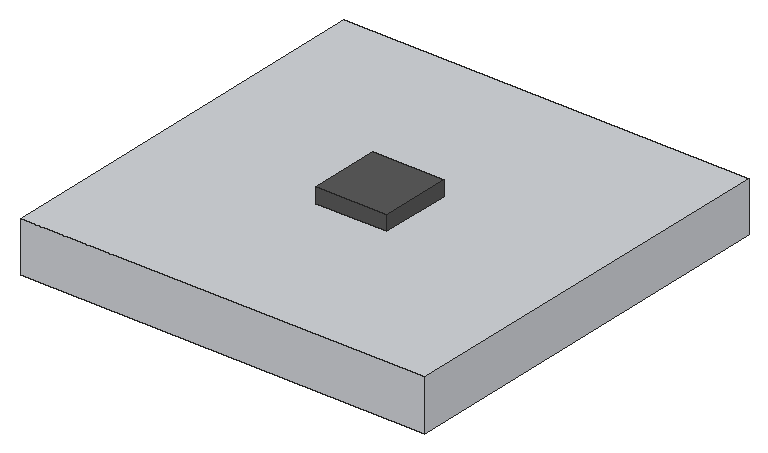
Revit family "r2018_videomax_server_OPS-SKUD_stoechnogo_ispolneniya", category Устройства связи, Revit 2018
Family settings
  Основа = Грань
  Сохранять ориентацию аннотаций = Да
  Размер круглого соединителя = Использовать диаметр
  Тип детали = Нормальный
  При загрузке вырезать с полостями = Нет
  Общий = Нет
  Точка расчета площади = Нет
Parameters (values of type "19” 2U (2S)")
  Указания по монтажу = "Для монтажа использовать 19” салазки. Изделие комплектуется салазками SR20 либо SR26. Параметры SR20: расстояние между профилями 488 - 546 мм, габариты в сложенном состоянии 500 мм, параметры SR26: расстояние между профилями 572 - 672 мм, габариты в сложенном состоянии 650 мм."
  Тип линейки = "Standart"
  Модель = ""
  Стоимость = 0
  Default Elevation = 2600 mm
  Минимальная глубина шкафа, мм = 600
  Максимальное тепловыделение, BTU/h = Максимальная потребляемая мощность Вт * 3.412  # 0
  Максимальная потребляемая мощность Вт = 0
  Максимальная мощность БП, Вт = 0
  Количество интерфейсов Gigabit LAN, шт = 1
  Количество входов 230V, шт = 0
  Количество USB-портов, шт. = 2
  Количество COM-портов, шт. = 2
  Изображение типоразмера = 19 (2U.2S).png
  Изготовитель = "ООО «Видеомакс»"  # constant formula
  Глубина = 430 mm
  Высота в U = 2
  Ширина = 430 mm
  Высота = 88 mm
  URL = "https://www.videomax-server.ru/"
  Material = Черный
  LOD 500 [instance] = yes
  LOD 300 [instance] = yes
  ADSK_Этаж [instance] = ""
  ADSK_Ток = 0 A
  ADSK_Примечание [instance] = ""
  ADSK_Позиция [instance] = ""
  ADSK_Обозначение = "19” 2U (2S)"
  ADSK_Номинальная мощность = 0 VA
  ADSK_Напряжение = 230 V
  ADSK_Наименование = "Cервер ОПС-СКУД стоечного исполнения 19” 2U (2S)"
  ADSK_Масса = 0
  ADSK_Марка = "VIDEOMAX-SB"  # constant formula
  ADSK_Коэффициент мощности = 0.96
  ADSK_Количество = 1  # constant formula
  ADSK_Код изделия = "ТУ 26.20.13-005-37165186-2018"  # constant formula
  ADSK_Классификация нагрузок = none
  ADSK_Завод-изготовитель = "ООО «Видеомакс»"  # constant formula
  ADSK_Единица измерения = "шт."  # constant formula
  ADSK_Версия семейства = "v2"  # constant formula
  ADSK_Версия Revit = "2018"  # constant formula
Reference planes
  plane 1 "По центру (Вперед/Назад)": y = 0
  plane 2: z = 0
  plane 3 "По центру (Влево/Вправо)": through (0.038, 0.038, 0) normal (-1, 0.0001, 0)
  plane 4: z = 0
  plane 5: y = 213.358
  plane 6: x = -224.796
  plane 7: y = -216.642
  plane 8: x = 205.204
  plane 9: x = -9.796
  plane 10: y = -1.642
Forms (mm)
  Extrusion 1, solid
    sketch origin (-0.8, 20.8, 0) x (1, 0, 0) y (0, 1, 0)
      loop
        line (-1219.2, 1219.2) -> (-1219.2, -1219.2) -> (1219.2, -1219.2) -> (1219.2, 1219.2) -> (-1219.2, 1219.2)
    from 0 to -304.8
  Extrusion 2, solid, material "Черный" <- "Material", detail levels medium+fine
    sketch origin (-479.93, -78.661, 0) x (1, 0, 0) y (0, 1, 0)
      loop
        line (255.134, 292.019) -> (255.134, -137.981) -> (685.134, -137.981) -> (685.134, 292.019) -> (255.134, 292.019)
    from 0 to 88
Lines and regions (mm)
  reference lines
    curve 1: line (-9.796, 119.657, 34.666) -> (-9.796, -213.482, 34.666)
    curve 2: line (-9.796, 0.018, 34.666) -> (-226.296, 0.018, 34.666)
  model lines, detail levels coarse
    curve 3: line (-224.796, 213.358, 0) -> (205.204, 213.358, 0)
    curve 4: line (205.204, 213.358, 0) -> (205.204, -216.642, 0)
    curve 5: line (205.204, -216.642, 0) -> (-224.796, -216.642, 0)
    curve 6: line (-224.796, -216.642, 0) -> (-224.796, 213.358, 0)
  model lines, style "InvisibleLines", detail levels coarse
    curve 7: line (205.204, 0.018, 0) -> (-224.796, 0.018, 0)
    curve 8: line (0.204, -216.642, 0) -> (0.204, 213.358, 0)
Dimensions and locks
  equal spacing: plane 8, plane 9, plane 6
  "Ширина": plane 8 to plane 6
  equal spacing: plane 5, plane 10, plane 7
  "Ширина": plane 5 to plane 7
  Extrusion 2 to Extrusion 2 = 88 mm
  aligned and locked: plane 2 to Extrusion 1
  aligned and locked: level to Extrusion 1
  aligned and locked: plane 5 to Extrusion 2
  aligned and locked: Extrusion 2 to plane 7
  aligned and locked: Extrusion 2 to plane 8
  aligned and locked: plane 6 to Extrusion 2
Automatic sketch dimensions
  Extrusion 1 sketch curve to Extrusion 1 sketch curve = 2438.4 mm  (x2)
  curve 2 to plane 9 = 0 mm
  curve 1 to plane 7 = 3.16 mm
  curve 2 to plane 1 "По центру (Вперед/Назад)" = 0.018 mm
  curve 2 to plane 6 = 1.5 mm
  plane 5 to curve 1 = 93.702 mm
  Extrusion 2 sketch curve to plane 6 = 0 mm
  plane 7 to Extrusion 2 sketch curve = 0 mm
  Extrusion 2 sketch curve to plane 8 = 0 mm
  plane 5 to Extrusion 2 sketch curve = 0 mm
  curve 3 to curve 3 = 430 mm
  curve 5 to curve 6 = 430 mm
  curve 8 to curve 4 = 205 mm
  curve 7 to curve 3 = 213.34 mm
  curve 5 to plane 6 = 0 mm
  plane 7 to curve 8 = 0 mm
  plane 5 to curve 8 = 0 mm
  curve 5 to plane 8 = 0 mm
  plane 9 to curve 8 = 10 mm
  curve 7 to plane 1 "По центру (Вперед/Назад)" = 0.018 mm
Nested families
  nested 1: "videomax_OPS-SKUD_stoechnogo" at (-224.796, -1.642, 88) x (0, 1, 0) z (-1, 0, 0), LOD500 <- "LOD 500", type ""
    with LOD500 yes, Front_500 yes, Back_500 no
  nested 2: "videomax_OPS-SKUD_stoechnogo" at (205.204, -1.642, 0) x (0, 1, 0) z (1, 0, 0), LOD500 <- "LOD 500", type "Back"
    with LOD500 yes, Front_500 no, Back_500 yes
Connectors
  electrical at (-9.796, -1.642, 0), driven by "ADSK_Напряжение", driven by "ADSK_Номинальная мощность", driven by "ADSK_Коэффициент мощности"
    settings: on Extrusion 2, index 1, voltage 230 V, apparent load 0 VA, apparent load phase1 0 VA, apparent load phase2 0 VA, apparent load phase3 0 VA, power factor 0.96, load classification "Прочее", number of poles 1, system type 30, power factor state 0, is connector primary yes, connector utility yes, sub classification motor no, connector description ""
Definition of nested family "videomax_OPS-SKUD_stoechnogo"
  Parameters (values of type "Front")
    Default Elevation = 1219.2 mm
    Back_500 [instance] = and(Back, LOD500)  # no
    Back = no
    LOD500 [instance] = no
    Front_500 [instance] = and(Front, LOD500)  # no
    Front = yes
  Types (2, lengths in mm): name | Back_500 | Back | LOD500 | Front
    Front | no | no | no | yes
    Back | yes | yes | yes | no
  Reference planes
    plane 1 "По центру (Вперед/Назад)": y = 0
    plane 2: z = 0
    plane 3 "По центру (Влево/Вправо)": x = 0
  Lines and regions (mm)
    model lines, visible <- "Back_500", detail levels fine
      curve 1: arc (-139.372, 67.278, 0) -> (-148.951, 42.861, 0) -> (-139.372, 18.443, 0) r 35.911
      curve 2: arc (-135.391, 22.424, 0) -> (-143.324, 42.861, 0) -> (-135.39, 63.297, 0) r 30.29
      curve 3: arc (-127.583, 55.49, 0) -> (-131.082, 49.601, 0) -> (-132.3, 42.861, 0) r 19.266
      curve 4: arc (-132.3, 42.861, 0) -> (-131.082, 36.12, 0) -> (-127.583, 30.231, 0) r 19.266
      curve 5: arc (-124.524, 33.291, 0) -> (-127.095, 37.772, 0) -> (-127.988, 42.861, 0) r 14.954
      curve 6: arc (-127.988, 42.861, 0) -> (-127.095, 47.95, 0) -> (-124.524, 52.431, 0) r 14.954
      curve 7: arc (-133.333, 61.24, 0) -> (-138.584, 52.709, 0) -> (-140.417, 42.861, 0) r 27.383
      curve 8: arc (-140.417, 42.861, 0) -> (-138.584, 33.012, 0) -> (-133.333, 24.482, 0) r 27.383
      curve 9: arc (-129.348, 28.467, 0) -> (-133.384, 35.167, 0) -> (-134.79, 42.861, 0) r 21.756
      curve 10: arc (-134.79, 42.861, 0) -> (-133.384, 50.555, 0) -> (-129.348, 57.255, 0) r 21.756
      curve 11: arc (-86.696, 67.278, 0) -> (-77.117, 42.861, 0) -> (-86.696, 18.443, 0) r 35.911
      curve 12: arc (-90.677, 22.424, 0) -> (-82.744, 42.861, 0) -> (-90.677, 63.297, 0) r 30.29
      curve 13: arc (-98.484, 55.49, 0) -> (-94.985, 49.601, 0) -> (-93.768, 42.861, 0) r 19.266
      curve 14: arc (-93.768, 42.861, 0) -> (-94.985, 36.12, 0) -> (-98.484, 30.231, 0) r 19.266
      curve 15: arc (-101.543, 33.291, 0) -> (-98.972, 37.772, 0) -> (-98.08, 42.861, 0) r 14.954
      curve 16: arc (-98.08, 42.861, 0) -> (-98.972, 47.95, 0) -> (-101.543, 52.431, 0) r 14.954
      curve 17: arc (-92.735, 61.24, 0) -> (-87.483, 52.709, 0) -> (-85.651, 42.861, 0) r 27.383
      curve 18: arc (-85.651, 42.861, 0) -> (-87.483, 33.012, 0) -> (-92.735, 24.482, 0) r 27.383
      curve 19: arc (-96.72, 28.467, 0) -> (-92.683, 35.167, 0) -> (-91.278, 42.861, 0) r 21.756
      curve 20: arc (-91.278, 42.861, 0) -> (-92.683, 50.555, 0) -> (-96.72, 57.255, 0) r 21.756
      curve 21: arc (-88.616, 16.523, 0) -> (-113.034, 6.944, 0) -> (-137.452, 16.523, 0) r 35.911
      curve 22: arc (-133.47, 20.504, 0) -> (-113.034, 12.571, 0) -> (-92.597, 20.504, 0) r 30.29
      curve 23: arc (-100.404, 28.311, 0) -> (-106.293, 24.812, 0) -> (-113.034, 23.594, 0) r 19.266
      curve 24: arc (-113.034, 23.594, 0) -> (-119.774, 24.812, 0) -> (-125.663, 28.311, 0) r 19.266
      curve 25: arc (-122.604, 31.37, 0) -> (-118.123, 28.799, 0) -> (-113.034, 27.907, 0) r 14.954
      curve 26: arc (-113.034, 27.907, 0) -> (-107.945, 28.799, 0) -> (-103.464, 31.37, 0) r 14.954
      curve 27: arc (-94.655, 22.562, 0) -> (-103.185, 17.31, 0) -> (-113.034, 15.478, 0) r 27.383
      curve 28: arc (-113.034, 15.478, 0) -> (-122.882, 17.31, 0) -> (-131.413, 22.562, 0) r 27.383
      curve 29: arc (-127.428, 26.546, 0) -> (-120.728, 22.51, 0) -> (-113.034, 21.104, 0) r 21.756
      curve 30: arc (-113.034, 21.104, 0) -> (-105.34, 22.51, 0) -> (-98.64, 26.547, 0) r 21.756
      curve 31: arc (-88.616, 69.199, 0) -> (-113.034, 78.778, 0) -> (-137.452, 69.199, 0) r 35.911
      curve 32: arc (-133.47, 65.217, 0) -> (-113.034, 73.151, 0) -> (-92.597, 65.217, 0) r 30.29
      curve 33: arc (-100.404, 57.41, 0) -> (-106.293, 60.909, 0) -> (-113.034, 62.127, 0) r 19.266
      curve 34: arc (-113.034, 62.127, 0) -> (-119.774, 60.909, 0) -> (-125.663, 57.41, 0) r 19.266
      curve 35: arc (-122.604, 54.351, 0) -> (-118.123, 56.922, 0) -> (-113.034, 57.815, 0) r 14.954
      curve 36: arc (-113.034, 57.815, 0) -> (-107.945, 56.922, 0) -> (-103.464, 54.351, 0) r 14.954
      curve 37: arc (-94.655, 63.16, 0) -> (-103.185, 68.411, 0) -> (-113.034, 70.244, 0) r 27.383
      curve 38: arc (-113.034, 70.244, 0) -> (-122.882, 68.411, 0) -> (-131.413, 63.16, 0) r 27.383
      curve 39: arc (-127.428, 59.175, 0) -> (-120.728, 63.211, 0) -> (-113.034, 64.617, 0) r 21.756
      curve 40: arc (-113.034, 64.617, 0) -> (-105.34, 63.211, 0) -> (-98.64, 59.175, 0) r 21.756
      curve 41: circle (-148.994, 78.824, 0) r 3 normal (0, 0, 1)
      curve 42: circle (-77.12, 78.774, 0) r 3 normal (0, 0, 1)
      curve 43: circle (-148.944, 6.964, 0) r 3 normal (0, 0, 1)
      curve 44: arc (-75.595, 9.548, 0) -> (-79.321, 9.003, 0) -> (-79.579, 5.246, 0) r 3
      curve 45: circle (-32.99, 73.452, 0) r 1.934 normal (0, 0, 1)
      curve 46: circle (-32.99, 66.877, 0) r 1.934 normal (0, 0, 1)
      curve 47: circle (-32.99, 59.738, 0) r 1.934 normal (0, 0, 1)
      curve 48: circle (-28.877, 70.273, 0) r 1.934 normal (0, 0, 1)
      curve 49: circle (-28.877, 63.133, 0) r 1.934 normal (0, 0, 1)
      curve 50: circle (-24.763, 73.358, 0) r 1.934 normal (0, 0, 1)
      curve 51: circle (-24.763, 66.783, 0) r 1.934 normal (0, 0, 1)
      curve 52: circle (-24.763, 59.643, 0) r 1.934 normal (0, 0, 1)
      curve 53: circle (-20.649, 70.179, 0) r 1.934 normal (0, 0, 1)
      curve 54: circle (-20.649, 63.039, 0) r 1.934 normal (0, 0, 1)
      curve 55: circle (-16.535, 73.547, 0) r 1.934 normal (0, 0, 1)
      curve 56: circle (-16.535, 66.972, 0) r 1.934 normal (0, 0, 1)
      curve 57: circle (-16.535, 59.832, 0) r 1.934 normal (0, 0, 1)
      curve 58: circle (-12.421, 70.367, 0) r 1.934 normal (0, 0, 1)
      curve 59: circle (-12.421, 63.228, 0) r 1.934 normal (0, 0, 1)
      curve 60: circle (-8.308, 73.311, 0) r 1.934 normal (0, 0, 1)
      curve 61: circle (-8.308, 66.736, 0) r 1.934 normal (0, 0, 1)
      curve 62: circle (-8.308, 59.596, 0) r 1.934 normal (0, 0, 1)
      curve 63: arc (-172.921, 32.258, 0) -> (-173.559, 31.651, 0) -> (-174.39, 31.357, 0) r 2.113
      curve 64: arc (-184.653, 31.357, 0) -> (-185.336, 31.661, 0) -> (-185.64, 32.345, 0) r 1.044
      curve 65: arc (-185.64, 59.496, 0) -> (-185.302, 60.221, 0) -> (-184.551, 60.497, 0) r 1.049
      curve 66: arc (-174.576, 60.497, 0) -> (-173.923, 60.388, 0) -> (-173.373, 60.019, 0) r 1.564
      curve 67: arc (-164.693, 30.894, 0) -> (-165.411, 29.16, 0) -> (-167.145, 28.442, 0) r 2.452
      curve 68: arc (-185.829, 28.441, 0) -> (-187.572, 29.012, 0) -> (-188.466, 30.613, 0) r 2.519
      curve 69: arc (-188.466, 60.671, 0) -> (-187.723, 62.726, 0) -> (-185.668, 63.469, 0) r 2.573
      curve 70: arc (-167.121, 63.469, 0) -> (-165.388, 62.675, 0) -> (-164.693, 60.9, 0) r 2.543
      curve 71: circle (-18.075, 28.018, 0) r 4.447 normal (0, 0, 1)
      curve 72: circle (-17.896, 14.094, 0) r 4.447 normal (0, 0, 1)
      curve 73: circle (16.783, 31.462, 0) r 1.737 normal (0, 0, 1)
      curve 74: circle (63.174, 31.437, 0) r 1.737 normal (0, 0, 1)
      curve 75: circle (10.582, 13.236, 0) r 1.737 normal (0, 0, 1)
      curve 76: circle (32.873, 13.231, 0) r 1.737 normal (0, 0, 1)
      curve 77: arc (28.549, 16.761, 0) -> (28.962, 16.498, 0) -> (29.083, 16.023, 0) r 0.664
      curve 78: arc (28.419, 10.548, 0) -> (27.866, 9.866, 0) -> (27.006, 9.696, 0) r 1.289
      curve 79: arc (16.191, 9.732, 0) -> (15.596, 9.984, 0) -> (15.323, 10.569, 0) r 0.901
      curve 80: arc (14.374, 15.787, 0) -> (14.541, 16.458, 0) -> (15.164, 16.759, 0) r 0.815
      curve 81: circle (46.891, 13.246, 0) r 1.737 normal (0, 0, 1)
      curve 82: circle (69.182, 13.241, 0) r 1.737 normal (0, 0, 1)
      curve 83: arc (64.858, 16.77, 0) -> (65.271, 16.507, 0) -> (65.392, 16.033, 0) r 0.664
      curve 84: arc (64.728, 10.558, 0) -> (64.175, 9.876, 0) -> (63.315, 9.706, 0) r 1.289
      curve 85: arc (52.5, 9.742, 0) -> (51.905, 9.994, 0) -> (51.632, 10.579, 0) r 0.901
      curve 86: arc (50.683, 15.796, 0) -> (50.85, 16.468, 0) -> (51.474, 16.769, 0) r 0.815
      curve 87: arc (58.223, 34.969, 0) -> (58.841, 34.729, 0) -> (59.069, 34.106, 0) r 0.803
      curve 88: arc (58.393, 28.759, 0) -> (58.121, 28.203, 0) -> (57.565, 27.931, 0) r 0.956
      curve 89: arc (22.851, 27.931, 0) -> (22.288, 28.1, 0) -> (21.911, 28.551, 0) r 1.023
      curve 90: arc (20.942, 33.881, 0) -> (21.132, 34.682, 0) -> (21.901, 34.975, 0) r 0.88
      curve 91: circle (133.403, 72.876, 0) r 1.912 normal (0, 0, 1)
      curve 92: circle (136.617, 68.843, 0) r 1.912 normal (0, 0, 1)
      curve 93: circle (133.426, 64.799, 0) r 1.912 normal (0, 0, 1)
      curve 94: circle (136.601, 60.762, 0) r 1.912 normal (0, 0, 1)
      curve 95: circle (133.171, 56.709, 0) r 1.912 normal (0, 0, 1)
      curve 96: circle (136.554, 52.689, 0) r 1.912 normal (0, 0, 1)
      curve 97: circle (133.355, 48.668, 0) r 1.912 normal (0, 0, 1)
      curve 98: circle (136.562, 44.63, 0) r 1.912 normal (0, 0, 1)
      curve 99: circle (133.29, 40.562, 0) r 1.912 normal (0, 0, 1)
      curve 100: circle (136.681, 36.549, 0) r 1.912 normal (0, 0, 1)
      curve 101: circle (133.417, 32.504, 0) r 1.912 normal (0, 0, 1)
      curve 102: circle (136.601, 28.474, 0) r 1.912 normal (0, 0, 1)
      curve 103: circle (-203.316, 78.462, 0) r 2.68 normal (0, 0, 1)
      curve 104: circle (-211.204, 43.074, 0) r 2.68 normal (0, 0, 1)
      curve 105: circle (-200.174, 9.372, 0) r 2.679 normal (0, 0, 1)
      curve 106: circle (-69.338, 9.372, 0) r 2.679 normal (0, 0, 1)
      curve 107: circle (-59.35, 43.074, 0) r 2.679 normal (0, 0, 1)
      curve 108: circle (-66.824, 78.462, 0) r 2.679 normal (0, 0, 1)
      curve 109: circle (153.676, 72.876, 0) r 1.912 normal (0, 0, 1)
      curve 110: circle (156.89, 68.843, 0) r 1.912 normal (0, 0, 1)
      curve 111: circle (153.698, 64.799, 0) r 1.912 normal (0, 0, 1)
      curve 112: circle (156.874, 60.762, 0) r 1.912 normal (0, 0, 1)
      curve 113: circle (153.443, 56.709, 0) r 1.912 normal (0, 0, 1)
      curve 114: circle (156.827, 52.689, 0) r 1.912 normal (0, 0, 1)
      curve 115: circle (153.627, 48.668, 0) r 1.912 normal (0, 0, 1)
      curve 116: circle (156.834, 44.63, 0) r 1.912 normal (0, 0, 1)
      curve 117: circle (153.563, 40.562, 0) r 1.912 normal (0, 0, 1)
      curve 118: circle (156.953, 36.549, 0) r 1.912 normal (0, 0, 1)
      curve 119: circle (153.69, 32.504, 0) r 1.912 normal (0, 0, 1)
      curve 120: circle (156.874, 28.474, 0) r 1.912 normal (0, 0, 1)
      curve 121: circle (173.948, 72.876, 0) r 1.912 normal (0, 0, 1)
      curve 122: circle (177.162, 68.843, 0) r 1.912 normal (0, 0, 1)
      curve 123: circle (173.971, 64.799, 0) r 1.912 normal (0, 0, 1)
      curve 124: circle (177.146, 60.762, 0) r 1.912 normal (0, 0, 1)
      curve 125: circle (173.716, 56.709, 0) r 1.912 normal (0, 0, 1)
      curve 126: circle (177.099, 52.689, 0) r 1.912 normal (0, 0, 1)
      curve 127: circle (173.9, 48.668, 0) r 1.912 normal (0, 0, 1)
      curve 128: circle (177.107, 44.63, 0) r 1.912 normal (0, 0, 1)
      curve 129: circle (173.835, 40.562, 0) r 1.912 normal (0, 0, 1)
      curve 130: circle (177.226, 36.549, 0) r 1.912 normal (0, 0, 1)
      curve 131: circle (173.962, 32.504, 0) r 1.912 normal (0, 0, 1)
      curve 132: circle (177.146, 28.474, 0) r 1.912 normal (0, 0, 1)
      curve 133: circle (194.221, 72.876, 0) r 1.912 normal (0, 0, 1)
      curve 134: circle (197.435, 68.843, 0) r 1.912 normal (0, 0, 1)
      curve 135: circle (194.243, 64.799, 0) r 1.912 normal (0, 0, 1)
      curve 136: circle (197.419, 60.762, 0) r 1.912 normal (0, 0, 1)
      curve 137: circle (193.988, 56.709, 0) r 1.912 normal (0, 0, 1)
      curve 138: circle (197.372, 52.689, 0) r 1.912 normal (0, 0, 1)
      curve 139: circle (194.172, 48.668, 0) r 1.912 normal (0, 0, 1)
      curve 140: circle (197.379, 44.63, 0) r 1.912 normal (0, 0, 1)
      curve 141: circle (194.108, 40.562, 0) r 1.912 normal (0, 0, 1)
      curve 142: circle (197.498, 36.549, 0) r 1.912 normal (0, 0, 1)
      curve 143: circle (194.235, 32.504, 0) r 1.912 normal (0, 0, 1)
      curve 144: circle (197.419, 28.474, 0) r 1.912 normal (0, 0, 1)
      curve 145: circle (-4.194, 70.044, 0) r 1.934 normal (0, 0, 1)
      curve 146: circle (-4.194, 62.905, 0) r 1.934 normal (0, 0, 1)
      curve 147: circle (-0.08, 73.129, 0) r 1.934 normal (0, 0, 1)
      curve 148: circle (-0.08, 66.554, 0) r 1.934 normal (0, 0, 1)
      curve 149: circle (-0.08, 59.414, 0) r 1.934 normal (0, 0, 1)
      curve 150: circle (4.033, 69.95, 0) r 1.934 normal (0, 0, 1)
      curve 151: circle (4.033, 62.81, 0) r 1.934 normal (0, 0, 1)
      curve 152: circle (8.147, 73.318, 0) r 1.934 normal (0, 0, 1)
      curve 153: circle (8.147, 66.743, 0) r 1.934 normal (0, 0, 1)
      curve 154: circle (8.147, 59.603, 0) r 1.934 normal (0, 0, 1)
      curve 155: circle (12.261, 70.139, 0) r 1.934 normal (0, 0, 1)
      curve 156: circle (12.261, 62.999, 0) r 1.934 normal (0, 0, 1)
      curve 157: circle (16.375, 73.082, 0) r 1.934 normal (0, 0, 1)
      curve 158: circle (16.375, 66.507, 0) r 1.934 normal (0, 0, 1)
      curve 159: circle (16.375, 59.367, 0) r 1.934 normal (0, 0, 1)
      curve 160: circle (20.488, 70.28, 0) r 1.934 normal (0, 0, 1)
      curve 161: circle (20.488, 63.14, 0) r 1.934 normal (0, 0, 1)
      curve 162: circle (24.602, 73.365, 0) r 1.934 normal (0, 0, 1)
      curve 163: circle (24.602, 66.79, 0) r 1.934 normal (0, 0, 1)
      curve 164: circle (24.602, 59.65, 0) r 1.934 normal (0, 0, 1)
      curve 165: circle (28.716, 70.186, 0) r 1.934 normal (0, 0, 1)
      curve 166: circle (28.716, 63.046, 0) r 1.934 normal (0, 0, 1)
      curve 167: circle (32.83, 73.554, 0) r 1.934 normal (0, 0, 1)
      curve 168: circle (32.83, 66.979, 0) r 1.934 normal (0, 0, 1)
      curve 169: circle (32.83, 59.839, 0) r 1.934 normal (0, 0, 1)
      curve 170: circle (36.943, 70.374, 0) r 1.934 normal (0, 0, 1)
      curve 171: circle (36.943, 63.235, 0) r 1.934 normal (0, 0, 1)
      curve 172: circle (41.057, 73.318, 0) r 1.934 normal (0, 0, 1)
      curve 173: circle (41.057, 66.743, 0) r 1.934 normal (0, 0, 1)
      curve 174: circle (41.057, 59.603, 0) r 1.934 normal (0, 0, 1)
      curve 175: circle (45.171, 70.28, 0) r 1.934 normal (0, 0, 1)
      curve 176: circle (45.171, 63.14, 0) r 1.934 normal (0, 0, 1)
      curve 177: circle (49.285, 73.365, 0) r 1.934 normal (0, 0, 1)
      curve 178: circle (49.285, 66.79, 0) r 1.934 normal (0, 0, 1)
      curve 179: circle (49.285, 59.65, 0) r 1.934 normal (0, 0, 1)
      curve 180: circle (53.398, 70.186, 0) r 1.934 normal (0, 0, 1)
      curve 181: circle (53.398, 63.046, 0) r 1.934 normal (0, 0, 1)
      curve 182: circle (57.512, 73.554, 0) r 1.934 normal (0, 0, 1)
      curve 183: circle (57.512, 66.979, 0) r 1.934 normal (0, 0, 1)
      curve 184: circle (57.512, 59.839, 0) r 1.934 normal (0, 0, 1)
      curve 185: circle (61.626, 70.374, 0) r 1.934 normal (0, 0, 1)
      curve 186: circle (61.626, 63.235, 0) r 1.934 normal (0, 0, 1)
      curve 187: circle (65.74, 73.318, 0) r 1.934 normal (0, 0, 1)
      curve 188: circle (65.74, 66.743, 0) r 1.934 normal (0, 0, 1)
      curve 189: circle (65.74, 59.603, 0) r 1.934 normal (0, 0, 1)
      curve 190: circle (69.853, 70.091, 0) r 1.934 normal (0, 0, 1)
      curve 191: circle (69.853, 62.952, 0) r 1.934 normal (0, 0, 1)
      curve 192: circle (73.967, 73.176, 0) r 1.934 normal (0, 0, 1)
      curve 193: circle (73.967, 66.601, 0) r 1.934 normal (0, 0, 1)
      curve 194: circle (73.967, 59.462, 0) r 1.934 normal (0, 0, 1)
      curve 195: circle (78.081, 69.997, 0) r 1.934 normal (0, 0, 1)
      curve 196: circle (78.081, 62.857, 0) r 1.934 normal (0, 0, 1)
      curve 197: circle (82.195, 73.365, 0) r 1.934 normal (0, 0, 1)
      curve 198: circle (82.195, 66.79, 0) r 1.934 normal (0, 0, 1)
      curve 199: circle (82.195, 59.65, 0) r 1.934 normal (0, 0, 1)
      curve 200: circle (86.308, 70.186, 0) r 1.934 normal (0, 0, 1)
      curve 201: circle (86.308, 63.046, 0) r 1.934 normal (0, 0, 1)
      curve 202: circle (90.422, 73.129, 0) r 1.934 normal (0, 0, 1)
      curve 203: circle (90.422, 66.554, 0) r 1.934 normal (0, 0, 1)
      curve 204: circle (90.422, 59.414, 0) r 1.934 normal (0, 0, 1)
      curve 205: circle (94.535, 70.091, 0) r 1.934 normal (0, 0, 1)
      curve 206: circle (94.535, 62.952, 0) r 1.934 normal (0, 0, 1)
      curve 207: circle (98.649, 73.176, 0) r 1.934 normal (0, 0, 1)
      curve 208: circle (98.649, 66.601, 0) r 1.934 normal (0, 0, 1)
      curve 209: circle (98.649, 59.462, 0) r 1.934 normal (0, 0, 1)
      curve 210: circle (102.763, 69.997, 0) r 1.934 normal (0, 0, 1)
      curve 211: circle (102.763, 62.857, 0) r 1.934 normal (0, 0, 1)
      curve 212: circle (106.877, 73.365, 0) r 1.934 normal (0, 0, 1)
      curve 213: circle (106.877, 66.79, 0) r 1.934 normal (0, 0, 1)
      curve 214: circle (106.877, 59.65, 0) r 1.934 normal (0, 0, 1)
      curve 215: circle (110.991, 70.186, 0) r 1.934 normal (0, 0, 1)
      curve 216: circle (110.991, 63.046, 0) r 1.934 normal (0, 0, 1)
      curve 217: circle (115.104, 73.129, 0) r 1.934 normal (0, 0, 1)
      curve 218: circle (115.104, 66.554, 0) r 1.934 normal (0, 0, 1)
      curve 219: circle (115.104, 59.414, 0) r 1.934 normal (0, 0, 1)
      curve 220: circle (119.218, 70.374, 0) r 1.934 normal (0, 0, 1)
      curve 221: circle (119.218, 63.235, 0) r 1.934 normal (0, 0, 1)
      curve 241: line (-135.39, 63.297, 0) -> (-139.372, 67.278, 0)
      curve 242: line (-139.372, 18.443, 0) -> (-135.391, 22.424, 0)
      curve 243: line (-124.524, 52.431, 0) -> (-127.583, 55.49, 0)
      curve 244: line (-127.583, 30.231, 0) -> (-124.524, 33.291, 0)
      curve 245: line (-129.348, 57.255, 0) -> (-133.333, 61.24, 0)
      curve 246: line (-133.333, 24.482, 0) -> (-129.348, 28.467, 0)
      curve 247: line (-90.677, 63.297, 0) -> (-86.696, 67.278, 0)
      curve 248: line (-86.696, 18.443, 0) -> (-90.677, 22.424, 0)
      curve 249: line (-101.543, 52.431, 0) -> (-98.484, 55.49, 0)
      curve 250: line (-98.484, 30.231, 0) -> (-101.543, 33.291, 0)
      curve 251: line (-96.72, 57.255, 0) -> (-92.735, 61.24, 0)
      curve 252: line (-92.735, 24.482, 0) -> (-96.72, 28.467, 0)
      curve 253: line (-92.597, 20.504, 0) -> (-88.616, 16.523, 0)
      curve 254: line (-137.452, 16.523, 0) -> (-133.47, 20.504, 0)
      curve 255: line (-103.464, 31.37, 0) -> (-100.404, 28.311, 0)
      curve 256: line (-125.663, 28.311, 0) -> (-122.604, 31.37, 0)
      curve 257: line (-98.64, 26.547, 0) -> (-94.655, 22.562, 0)
      curve 258: line (-131.413, 22.562, 0) -> (-127.428, 26.546, 0)
      curve 259: line (-92.597, 65.217, 0) -> (-88.616, 69.199, 0)
      curve 260: line (-137.452, 69.199, 0) -> (-133.47, 65.217, 0)
      curve 261: line (-103.464, 54.351, 0) -> (-100.404, 57.41, 0)
      curve 262: line (-125.663, 57.41, 0) -> (-122.604, 54.351, 0)
      curve 263: line (-98.64, 59.175, 0) -> (-94.655, 63.16, 0)
      curve 264: line (-131.413, 63.16, 0) -> (-127.428, 59.175, 0)
      curve 265: line (-173.373, 60.019, 0) -> (-168.542, 55.035, 0)
      curve 266: line (-168.542, 55.035, 0) -> (-168.372, 38.134, 0)
      curve 267: line (-168.372, 38.134, 0) -> (-172.921, 32.258, 0)
      curve 268: line (-174.39, 31.357, 0) -> (-184.653, 31.357, 0)
      curve 269: line (-185.64, 32.345, 0) -> (-185.64, 59.496, 0)
      curve 270: line (-184.551, 60.497, 0) -> (-174.576, 60.497, 0)
      curve 271: line (-177.486, 54.514, 0) -> (-177.486, 53.127, 0)
      curve 272: line (-177.486, 53.127, 0) -> (-179.885, 53.127, 0)
      curve 273: line (-179.885, 53.127, 0) -> (-179.885, 54.526, 0)
      curve 274: line (-179.885, 54.526, 0) -> (-177.486, 54.514, 0)
      curve 275: line (-173.334, 46.604, 0) -> (-173.334, 45.218, 0)
      curve 276: line (-173.334, 45.218, 0) -> (-175.733, 45.218, 0)
      curve 277: line (-175.733, 45.218, 0) -> (-175.733, 46.616, 0)
      curve 278: line (-175.733, 46.616, 0) -> (-173.334, 46.604, 0)
      curve 279: line (-177.485, 38.708, 0) -> (-177.485, 37.322, 0)
      curve 280: line (-177.485, 37.322, 0) -> (-179.884, 37.322, 0)
      curve 281: line (-179.884, 37.322, 0) -> (-179.884, 38.72, 0)
      curve 282: line (-179.884, 38.72, 0) -> (-177.485, 38.708, 0)
      curve 283: line (-164.693, 60.9, 0) -> (-164.693, 30.894, 0)
      curve 284: line (-167.145, 28.441, 0) -> (-185.829, 28.441, 0)
      curve 285: line (-188.466, 30.613, 0) -> (-188.466, 60.671, 0)
      curve 286: line (-185.668, 63.469, 0) -> (-167.121, 63.469, 0)
      curve 287: line (-9.067, 25.041, 0) -> (4.979, 25.041, 0)
      curve 288: line (4.979, 25.041, 0) -> (4.979, 18.776, 0)
      curve 289: line (4.979, 18.776, 0) -> (-9.105, 18.776, 0)
      curve 290: line (-9.105, 18.776, 0) -> (-9.067, 25.041, 0)
      curve 291: line (-6.965, 21.19, 0) -> (2.951, 21.19, 0)
      curve 292: line (-9.073, 16.356, 0) -> (4.974, 16.356, 0)
      curve 293: line (4.974, 16.356, 0) -> (4.974, 10.09, 0)
      curve 294: line (4.974, 10.09, 0) -> (-9.11, 10.09, 0)
      curve 295: line (-9.11, 10.09, 0) -> (-9.073, 16.356, 0)
      curve 296: line (-6.97, 12.504, 0) -> (2.946, 12.504, 0)
      curve 297: line (15.16, 16.761, 0) -> (28.549, 16.761, 0)
      curve 298: line (29.083, 16.023, 0) -> (28.419, 10.548, 0)
      curve 299: line (27.006, 9.696, 0) -> (16.191, 9.732, 0)
      curve 300: line (15.323, 10.569, 0) -> (14.374, 15.787, 0)
      curve 301: line (51.469, 16.77, 0) -> (64.858, 16.77, 0)
      curve 302: line (65.392, 16.033, 0) -> (64.728, 10.558, 0)
      curve 303: line (63.315, 9.706, 0) -> (52.5, 9.742, 0)
      curve 304: line (51.632, 10.579, 0) -> (50.683, 15.796, 0)
      curve 305: line (77.269, 18.045, 0) -> (81.902, 18.045, 0)
      curve 306: line (81.902, 18.045, 0) -> (81.902, 19.475, 0)
      curve 307: line (81.902, 19.475, 0) -> (87.873, 19.475, 0)
      curve 308: line (87.873, 19.475, 0) -> (87.873, 17.983, 0)
      curve 309: line (87.873, 17.983, 0) -> (92.661, 17.983, 0)
      curve 310: line (92.661, 17.983, 0) -> (92.661, 9.437, 0)
      curve 311: line (92.661, 9.437, 0) -> (77.269, 9.437, 0)
      curve 312: line (77.269, 9.437, 0) -> (77.269, 18.045, 0)
      curve 313: line (96.03, 18.105, 0) -> (100.664, 18.105, 0)
      curve 314: line (100.664, 18.105, 0) -> (100.664, 19.534, 0)
      curve 315: line (100.664, 19.534, 0) -> (106.634, 19.534, 0)
      curve 316: line (106.634, 19.534, 0) -> (106.634, 18.043, 0)
      curve 317: line (106.634, 18.043, 0) -> (111.423, 18.043, 0)
      curve 318: line (111.423, 18.043, 0) -> (111.423, 9.497, 0)
      curve 319: line (111.423, 9.497, 0) -> (96.03, 9.497, 0)
      curve 320: line (96.03, 9.497, 0) -> (96.03, 18.105, 0)
      curve 321: line (21.901, 34.975, 0) -> (58.223, 34.975, 0)
      curve 322: line (59.069, 34.106, 0) -> (58.393, 28.759, 0)
      curve 323: line (57.565, 27.931, 0) -> (22.851, 27.931, 0)
      curve 324: line (21.911, 28.551, 0) -> (20.942, 33.881, 0)
      curve 644: arc (220.476, 67.278, 0) -> (210.897, 42.861, 0) -> (220.476, 18.443, 0) r 35.911
      curve 645: arc (224.457, 22.424, 0) -> (216.524, 42.861, 0) -> (224.457, 63.297, 0) r 30.29
      curve 646: arc (232.265, 55.49, 0) -> (228.766, 49.601, 0) -> (227.548, 42.861, 0) r 19.266
      curve 647: arc (227.548, 42.861, 0) -> (228.766, 36.12, 0) -> (232.265, 30.231, 0) r 19.266
      curve 648: arc (235.324, 33.291, 0) -> (232.753, 37.772, 0) -> (231.86, 42.861, 0) r 14.954
      curve 649: arc (231.86, 42.861, 0) -> (232.753, 47.95, 0) -> (235.324, 52.431, 0) r 14.954
      curve 650: arc (226.515, 61.24, 0) -> (221.263, 52.709, 0) -> (219.431, 42.861, 0) r 27.383
      curve 651: arc (219.431, 42.861, 0) -> (221.263, 33.012, 0) -> (226.515, 24.482, 0) r 27.383
      curve 652: arc (230.5, 28.467, 0) -> (226.464, 35.167, 0) -> (225.058, 42.861, 0) r 21.756
      curve 653: arc (225.058, 42.861, 0) -> (226.464, 50.555, 0) -> (230.5, 57.255, 0) r 21.756
      curve 654: arc (273.152, 67.278, 0) -> (282.731, 42.861, 0) -> (273.152, 18.443, 0) r 35.911
      curve 655: arc (269.171, 22.424, 0) -> (277.104, 42.861, 0) -> (269.171, 63.297, 0) r 30.29
      curve 656: arc (261.364, 55.49, 0) -> (264.863, 49.601, 0) -> (266.08, 42.861, 0) r 19.266
      curve 657: arc (266.08, 42.861, 0) -> (264.863, 36.12, 0) -> (261.364, 30.231, 0) r 19.266
      curve 658: arc (258.305, 33.291, 0) -> (260.875, 37.772, 0) -> (261.768, 42.861, 0) r 14.954
      curve 659: arc (261.768, 42.861, 0) -> (260.875, 47.95, 0) -> (258.304, 52.431, 0) r 14.954
      curve 660: arc (267.113, 61.24, 0) -> (272.365, 52.709, 0) -> (274.197, 42.861, 0) r 27.383
      curve 661: arc (274.197, 42.861, 0) -> (272.365, 33.012, 0) -> (267.113, 24.482, 0) r 27.383
      curve 662: arc (263.128, 28.467, 0) -> (267.164, 35.167, 0) -> (268.57, 42.861, 0) r 21.756
      curve 663: arc (268.57, 42.861, 0) -> (267.164, 50.555, 0) -> (263.128, 57.255, 0) r 21.756
      curve 664: arc (271.232, 16.523, 0) -> (246.814, 6.944, 0) -> (222.396, 16.523, 0) r 35.911
      curve 665: arc (226.378, 20.504, 0) -> (246.814, 12.571, 0) -> (267.251, 20.504, 0) r 30.29
      curve 666: arc (259.443, 28.311, 0) -> (253.555, 24.812, 0) -> (246.814, 23.594, 0) r 19.266
      curve 667: arc (246.814, 23.594, 0) -> (240.073, 24.812, 0) -> (234.185, 28.311, 0) r 19.266
      curve 668: arc (237.244, 31.37, 0) -> (241.725, 28.799, 0) -> (246.814, 27.907, 0) r 14.954
      curve 669: arc (246.814, 27.907, 0) -> (251.903, 28.799, 0) -> (256.384, 31.37, 0) r 14.954
      curve 670: arc (265.193, 22.562, 0) -> (256.663, 17.31, 0) -> (246.814, 15.478, 0) r 27.383
      curve 671: arc (246.814, 15.478, 0) -> (236.966, 17.31, 0) -> (228.435, 22.562, 0) r 27.383
      curve 672: arc (232.42, 26.546, 0) -> (239.12, 22.51, 0) -> (246.814, 21.104, 0) r 21.756
      curve 673: arc (246.814, 21.104, 0) -> (254.508, 22.51, 0) -> (261.208, 26.547, 0) r 21.756
      curve 674: arc (271.232, 69.199, 0) -> (246.814, 78.778, 0) -> (222.396, 69.199, 0) r 35.911
      curve 675: arc (226.378, 65.217, 0) -> (246.814, 73.151, 0) -> (267.251, 65.217, 0) r 30.29
      curve 676: arc (259.443, 57.41, 0) -> (253.555, 60.909, 0) -> (246.814, 62.127, 0) r 19.266
      curve 677: arc (246.814, 62.127, 0) -> (240.073, 60.909, 0) -> (234.185, 57.41, 0) r 19.266
      curve 678: arc (237.244, 54.351, 0) -> (241.725, 56.922, 0) -> (246.814, 57.815, 0) r 14.954
      curve 679: arc (246.814, 57.815, 0) -> (251.903, 56.922, 0) -> (256.384, 54.351, 0) r 14.954
      curve 680: arc (265.193, 63.16, 0) -> (256.663, 68.411, 0) -> (246.814, 70.244, 0) r 27.383
      curve 681: arc (246.814, 70.244, 0) -> (236.966, 68.411, 0) -> (228.435, 63.16, 0) r 27.383
      curve 682: arc (232.42, 59.175, 0) -> (239.12, 63.211, 0) -> (246.814, 64.617, 0) r 21.756
      curve 683: arc (246.814, 64.617, 0) -> (254.508, 63.211, 0) -> (261.208, 59.175, 0) r 21.756
      curve 684: circle (210.854, 78.824, 0) r 3 normal (0, 0, 1)
      curve 685: circle (282.728, 78.774, 0) r 3 normal (0, 0, 1)
      curve 686: circle (210.904, 6.964, 0) r 3 normal (0, 0, 1)
      curve 687: arc (284.252, 9.548, 0) -> (280.527, 9.003, 0) -> (280.268, 5.246, 0) r 3
      curve 688: circle (326.858, 73.452, 0) r 1.934 normal (0, 0, 1)
      curve 689: circle (326.858, 66.877, 0) r 1.934 normal (0, 0, 1)
      curve 690: circle (326.858, 59.738, 0) r 1.934 normal (0, 0, 1)
      curve 691: circle (330.971, 70.273, 0) r 1.934 normal (0, 0, 1)
      curve 692: circle (330.971, 63.133, 0) r 1.934 normal (0, 0, 1)
      curve 693: circle (335.085, 73.358, 0) r 1.934 normal (0, 0, 1)
      curve 694: circle (335.085, 66.783, 0) r 1.934 normal (0, 0, 1)
      curve 695: circle (335.085, 59.643, 0) r 1.934 normal (0, 0, 1)
      curve 696: circle (339.199, 70.179, 0) r 1.934 normal (0, 0, 1)
      curve 697: circle (339.199, 63.039, 0) r 1.934 normal (0, 0, 1)
      curve 698: circle (343.313, 73.547, 0) r 1.934 normal (0, 0, 1)
      curve 699: circle (343.313, 66.972, 0) r 1.934 normal (0, 0, 1)
      curve 700: circle (343.313, 59.832, 0) r 1.934 normal (0, 0, 1)
      curve 701: circle (347.426, 70.367, 0) r 1.934 normal (0, 0, 1)
      curve 702: circle (347.426, 63.228, 0) r 1.934 normal (0, 0, 1)
      curve 703: circle (351.54, 73.311, 0) r 1.934 normal (0, 0, 1)
      curve 704: circle (351.54, 66.736, 0) r 1.934 normal (0, 0, 1)
      curve 705: circle (351.54, 59.596, 0) r 1.934 normal (0, 0, 1)
      curve 706: arc (186.927, 32.258, 0) -> (186.289, 31.651, 0) -> (185.458, 31.357, 0) r 2.113
      curve 707: arc (175.195, 31.357, 0) -> (174.512, 31.661, 0) -> (174.208, 32.345, 0) r 1.044
      curve 708: arc (174.208, 59.496, 0) -> (174.546, 60.221, 0) -> (175.296, 60.497, 0) r 1.049
      curve 709: arc (185.272, 60.497, 0) -> (185.925, 60.388, 0) -> (186.475, 60.019, 0) r 1.564
      curve 710: arc (195.155, 30.894, 0) -> (194.437, 29.16, 0) -> (192.703, 28.441, 0) r 2.452
      curve 711: arc (174.019, 28.441, 0) -> (172.276, 29.012, 0) -> (171.382, 30.613, 0) r 2.519
      curve 712: arc (171.382, 60.671, 0) -> (172.125, 62.726, 0) -> (174.18, 63.469, 0) r 2.573
      curve 713: arc (192.727, 63.469, 0) -> (194.46, 62.675, 0) -> (195.155, 60.9, 0) r 2.543
      curve 714: circle (341.773, 28.018, 0) r 4.447 normal (0, 0, 1)
      curve 715: circle (341.951, 14.094, 0) r 4.447 normal (0, 0, 1)
      curve 716: circle (376.631, 31.462, 0) r 1.737 normal (0, 0, 1)
      curve 717: circle (423.022, 31.437, 0) r 1.737 normal (0, 0, 1)
      curve 718: circle (370.43, 13.236, 0) r 1.737 normal (0, 0, 1)
      curve 719: circle (392.721, 13.231, 0) r 1.737 normal (0, 0, 1)
      curve 720: arc (388.397, 16.761, 0) -> (388.81, 16.498, 0) -> (388.93, 16.023, 0) r 0.664
      curve 721: arc (388.266, 10.548, 0) -> (387.714, 9.866, 0) -> (386.853, 9.696, 0) r 1.289
      curve 722: arc (376.039, 9.732, 0) -> (375.444, 9.984, 0) -> (375.17, 10.569, 0) r 0.901
      curve 723: arc (374.222, 15.787, 0) -> (374.389, 16.458, 0) -> (375.012, 16.759, 0) r 0.815
      curve 724: circle (406.739, 13.246, 0) r 1.737 normal (0, 0, 1)
      curve 725: circle (429.03, 13.241, 0) r 1.737 normal (0, 0, 1)
      curve 726: arc (424.706, 16.77, 0) -> (425.119, 16.507, 0) -> (425.24, 16.033, 0) r 0.664
      curve 727: arc (424.576, 10.558, 0) -> (424.023, 9.876, 0) -> (423.163, 9.706, 0) r 1.289
      curve 728: arc (412.348, 9.742, 0) -> (411.753, 9.994, 0) -> (411.48, 10.579, 0) r 0.901
      curve 729: arc (410.531, 15.796, 0) -> (410.698, 16.468, 0) -> (411.321, 16.769, 0) r 0.815
      curve 730: arc (418.071, 34.969, 0) -> (418.689, 34.729, 0) -> (418.917, 34.106, 0) r 0.803
      curve 731: arc (418.241, 28.759, 0) -> (417.968, 28.203, 0) -> (417.412, 27.931, 0) r 0.956
      curve 732: arc (382.699, 27.931, 0) -> (382.136, 28.1, 0) -> (381.759, 28.551, 0) r 1.023
      curve 733: arc (380.79, 33.881, 0) -> (380.98, 34.682, 0) -> (381.749, 34.975, 0) r 0.88
      curve 734: circle (493.251, 72.876, 0) r 1.912 normal (0, 0, 1)
      curve 735: circle (496.465, 68.843, 0) r 1.912 normal (0, 0, 1)
      curve 736: circle (493.274, 64.799, 0) r 1.912 normal (0, 0, 1)
      curve 737: circle (496.449, 60.762, 0) r 1.912 normal (0, 0, 1)
      curve 738: circle (493.019, 56.709, 0) r 1.912 normal (0, 0, 1)
      curve 739: circle (496.402, 52.689, 0) r 1.912 normal (0, 0, 1)
      curve 740: circle (493.202, 48.668, 0) r 1.912 normal (0, 0, 1)
      curve 741: circle (496.409, 44.63, 0) r 1.912 normal (0, 0, 1)
      curve 742: circle (493.138, 40.562, 0) r 1.912 normal (0, 0, 1)
      curve 743: circle (496.529, 36.549, 0) r 1.912 normal (0, 0, 1)
      curve 744: circle (493.265, 32.504, 0) r 1.912 normal (0, 0, 1)
      curve 745: circle (496.449, 28.474, 0) r 1.912 normal (0, 0, 1)
      curve 746: circle (156.532, 78.462, 0) r 2.68 normal (0, 0, 1)
      curve 747: circle (148.644, 43.074, 0) r 2.68 normal (0, 0, 1)
      curve 748: circle (159.674, 9.372, 0) r 2.679 normal (0, 0, 1)
      curve 749: circle (290.51, 9.372, 0) r 2.679 normal (0, 0, 1)
      curve 750: circle (300.498, 43.074, 0) r 2.679 normal (0, 0, 1)
      curve 751: circle (293.024, 78.462, 0) r 2.679 normal (0, 0, 1)
      curve 752: circle (513.523, 72.876, 0) r 1.912 normal (0, 0, 1)
      curve 753: circle (516.738, 68.843, 0) r 1.912 normal (0, 0, 1)
      curve 754: circle (513.546, 64.799, 0) r 1.912 normal (0, 0, 1)
      curve 755: circle (516.721, 60.762, 0) r 1.912 normal (0, 0, 1)
      curve 756: circle (513.291, 56.709, 0) r 1.912 normal (0, 0, 1)
      curve 757: circle (516.675, 52.689, 0) r 1.912 normal (0, 0, 1)
      curve 758: circle (513.475, 48.668, 0) r 1.912 normal (0, 0, 1)
      curve 759: circle (516.682, 44.63, 0) r 1.912 normal (0, 0, 1)
      curve 760: circle (513.411, 40.562, 0) r 1.912 normal (0, 0, 1)
      curve 761: circle (516.801, 36.549, 0) r 1.912 normal (0, 0, 1)
      curve 762: circle (513.538, 32.504, 0) r 1.912 normal (0, 0, 1)
      curve 763: circle (516.722, 28.474, 0) r 1.912 normal (0, 0, 1)
      curve 764: circle (533.796, 72.876, 0) r 1.912 normal (0, 0, 1)
      curve 765: circle (537.01, 68.843, 0) r 1.912 normal (0, 0, 1)
      curve 766: circle (533.819, 64.799, 0) r 1.912 normal (0, 0, 1)
      curve 767: circle (536.994, 60.762, 0) r 1.912 normal (0, 0, 1)
      curve 768: circle (533.564, 56.709, 0) r 1.912 normal (0, 0, 1)
      curve 769: circle (536.947, 52.689, 0) r 1.912 normal (0, 0, 1)
      curve 770: circle (533.747, 48.668, 0) r 1.912 normal (0, 0, 1)
      curve 771: circle (536.954, 44.63, 0) r 1.912 normal (0, 0, 1)
      curve 772: circle (533.683, 40.562, 0) r 1.912 normal (0, 0, 1)
      curve 773: circle (537.074, 36.549, 0) r 1.912 normal (0, 0, 1)
      curve 774: circle (533.81, 32.504, 0) r 1.912 normal (0, 0, 1)
      curve 775: circle (536.994, 28.474, 0) r 1.912 normal (0, 0, 1)
      curve 776: circle (554.069, 72.876, 0) r 1.912 normal (0, 0, 1)
      curve 777: circle (557.283, 68.843, 0) r 1.912 normal (0, 0, 1)
      curve 778: circle (554.091, 64.799, 0) r 1.912 normal (0, 0, 1)
      curve 779: circle (557.267, 60.762, 0) r 1.912 normal (0, 0, 1)
      curve 780: circle (553.836, 56.709, 0) r 1.912 normal (0, 0, 1)
      curve 781: circle (557.22, 52.689, 0) r 1.912 normal (0, 0, 1)
      curve 782: circle (554.02, 48.668, 0) r 1.912 normal (0, 0, 1)
      curve 783: circle (557.227, 44.63, 0) r 1.912 normal (0, 0, 1)
      curve 784: circle (553.956, 40.562, 0) r 1.912 normal (0, 0, 1)
      curve 785: circle (557.346, 36.549, 0) r 1.912 normal (0, 0, 1)
      curve 786: circle (554.083, 32.504, 0) r 1.912 normal (0, 0, 1)
      curve 787: circle (557.267, 28.474, 0) r 1.912 normal (0, 0, 1)
      curve 788: circle (355.654, 70.044, 0) r 1.934 normal (0, 0, 1)
      curve 789: circle (355.654, 62.905, 0) r 1.934 normal (0, 0, 1)
      curve 790: circle (359.768, 73.129, 0) r 1.934 normal (0, 0, 1)
      curve 791: circle (359.768, 66.554, 0) r 1.934 normal (0, 0, 1)
      curve 792: circle (359.768, 59.414, 0) r 1.934 normal (0, 0, 1)
      curve 793: circle (363.881, 69.95, 0) r 1.934 normal (0, 0, 1)
      curve 794: circle (363.881, 62.81, 0) r 1.934 normal (0, 0, 1)
      curve 795: circle (367.995, 73.318, 0) r 1.934 normal (0, 0, 1)
      curve 796: circle (367.995, 66.743, 0) r 1.934 normal (0, 0, 1)
      curve 797: circle (367.995, 59.603, 0) r 1.934 normal (0, 0, 1)
      curve 798: circle (372.109, 70.139, 0) r 1.934 normal (0, 0, 1)
      curve 799: circle (372.109, 62.999, 0) r 1.934 normal (0, 0, 1)
      curve 800: circle (376.223, 73.082, 0) r 1.934 normal (0, 0, 1)
      curve 801: circle (376.223, 66.507, 0) r 1.934 normal (0, 0, 1)
      curve 802: circle (376.223, 59.367, 0) r 1.934 normal (0, 0, 1)
      curve 803: circle (380.336, 70.28, 0) r 1.934 normal (0, 0, 1)
      curve 804: circle (380.336, 63.14, 0) r 1.934 normal (0, 0, 1)
      curve 805: circle (384.45, 73.365, 0) r 1.934 normal (0, 0, 1)
      curve 806: circle (384.45, 66.79, 0) r 1.934 normal (0, 0, 1)
      curve 807: circle (384.45, 59.65, 0) r 1.934 normal (0, 0, 1)
      curve 808: circle (388.564, 70.186, 0) r 1.934 normal (0, 0, 1)
      curve 809: circle (388.564, 63.046, 0) r 1.934 normal (0, 0, 1)
      curve 810: circle (392.678, 73.554, 0) r 1.934 normal (0, 0, 1)
      curve 811: circle (392.678, 66.979, 0) r 1.934 normal (0, 0, 1)
      curve 812: circle (392.678, 59.839, 0) r 1.934 normal (0, 0, 1)
      curve 813: circle (396.791, 70.374, 0) r 1.934 normal (0, 0, 1)
      curve 814: circle (396.791, 63.235, 0) r 1.934 normal (0, 0, 1)
      curve 815: circle (400.905, 73.318, 0) r 1.934 normal (0, 0, 1)
      curve 816: circle (400.905, 66.743, 0) r 1.934 normal (0, 0, 1)
      curve 817: circle (400.905, 59.603, 0) r 1.934 normal (0, 0, 1)
      curve 818: circle (405.019, 70.28, 0) r 1.934 normal (0, 0, 1)
      curve 819: circle (405.019, 63.14, 0) r 1.934 normal (0, 0, 1)
      curve 820: circle (409.133, 73.365, 0) r 1.934 normal (0, 0, 1)
      curve 821: circle (409.133, 66.79, 0) r 1.934 normal (0, 0, 1)
      curve 822: circle (409.133, 59.65, 0) r 1.934 normal (0, 0, 1)
      curve 823: circle (413.246, 70.186, 0) r 1.934 normal (0, 0, 1)
      curve 824: circle (413.246, 63.046, 0) r 1.934 normal (0, 0, 1)
      curve 825: circle (417.36, 73.554, 0) r 1.934 normal (0, 0, 1)
      curve 826: circle (417.36, 66.979, 0) r 1.934 normal (0, 0, 1)
      curve 827: circle (417.36, 59.839, 0) r 1.934 normal (0, 0, 1)
      curve 828: circle (421.474, 70.374, 0) r 1.934 normal (0, 0, 1)
      curve 829: circle (421.474, 63.235, 0) r 1.934 normal (0, 0, 1)
      curve 830: circle (425.588, 73.318, 0) r 1.934 normal (0, 0, 1)
      curve 831: circle (425.588, 66.743, 0) r 1.934 normal (0, 0, 1)
      curve 832: circle (425.588, 59.603, 0) r 1.934 normal (0, 0, 1)
      curve 833: circle (429.701, 70.091, 0) r 1.934 normal (0, 0, 1)
      curve 834: circle (429.701, 62.952, 0) r 1.934 normal (0, 0, 1)
      curve 835: circle (433.815, 73.176, 0) r 1.934 normal (0, 0, 1)
      curve 836: circle (433.815, 66.601, 0) r 1.934 normal (0, 0, 1)
      curve 837: circle (433.815, 59.462, 0) r 1.934 normal (0, 0, 1)
      curve 838: circle (437.929, 69.997, 0) r 1.934 normal (0, 0, 1)
      curve 839: circle (437.929, 62.857, 0) r 1.934 normal (0, 0, 1)
      curve 840: circle (442.042, 73.365, 0) r 1.934 normal (0, 0, 1)
      curve 841: circle (442.042, 66.79, 0) r 1.934 normal (0, 0, 1)
      curve 842: circle (442.042, 59.65, 0) r 1.934 normal (0, 0, 1)
      curve 843: circle (446.156, 70.186, 0) r 1.934 normal (0, 0, 1)
      curve 844: circle (446.156, 63.046, 0) r 1.934 normal (0, 0, 1)
      curve 845: circle (450.27, 73.129, 0) r 1.934 normal (0, 0, 1)
      curve 846: circle (450.27, 66.554, 0) r 1.934 normal (0, 0, 1)
      curve 847: circle (450.27, 59.414, 0) r 1.934 normal (0, 0, 1)
      curve 848: circle (454.383, 70.091, 0) r 1.934 normal (0, 0, 1)
      curve 849: circle (454.383, 62.952, 0) r 1.934 normal (0, 0, 1)
      curve 850: circle (458.497, 73.176, 0) r 1.934 normal (0, 0, 1)
      curve 851: circle (458.497, 66.601, 0) r 1.934 normal (0, 0, 1)
      curve 852: circle (458.497, 59.462, 0) r 1.934 normal (0, 0, 1)
      curve 853: circle (462.611, 69.997, 0) r 1.934 normal (0, 0, 1)
      curve 854: circle (462.611, 62.857, 0) r 1.934 normal (0, 0, 1)
      curve 855: circle (466.725, 73.365, 0) r 1.934 normal (0, 0, 1)
      curve 856: circle (466.725, 66.79, 0) r 1.934 normal (0, 0, 1)
      curve 857: circle (466.725, 59.65, 0) r 1.934 normal (0, 0, 1)
      curve 858: circle (470.839, 70.186, 0) r 1.934 normal (0, 0, 1)
      curve 859: circle (470.839, 63.046, 0) r 1.934 normal (0, 0, 1)
      curve 860: circle (474.952, 73.129, 0) r 1.934 normal (0, 0, 1)
      curve 861: circle (474.952, 66.554, 0) r 1.934 normal (0, 0, 1)
      curve 862: circle (474.952, 59.414, 0) r 1.934 normal (0, 0, 1)
      curve 863: circle (479.066, 70.374, 0) r 1.934 normal (0, 0, 1)
      curve 864: circle (479.066, 63.235, 0) r 1.934 normal (0, 0, 1)
      curve 865: line (224.457, 63.297, 0) -> (220.476, 67.278, 0)
      curve 866: line (220.476, 18.443, 0) -> (224.457, 22.424, 0)
      curve 867: line (235.324, 52.431, 0) -> (232.265, 55.49, 0)
      curve 868: line (232.265, 30.231, 0) -> (235.324, 33.291, 0)
      curve 869: line (230.5, 57.255, 0) -> (226.515, 61.24, 0)
      curve 870: line (226.515, 24.482, 0) -> (230.5, 28.467, 0)
      curve 871: line (269.171, 63.297, 0) -> (273.152, 67.278, 0)
      curve 872: line (273.152, 18.443, 0) -> (269.171, 22.424, 0)
      curve 873: line (258.304, 52.431, 0) -> (261.364, 55.49, 0)
      curve 874: line (261.364, 30.231, 0) -> (258.305, 33.291, 0)
      curve 875: line (263.128, 57.255, 0) -> (267.113, 61.24, 0)
      curve 876: line (267.113, 24.482, 0) -> (263.128, 28.467, 0)
      curve 877: line (267.251, 20.504, 0) -> (271.232, 16.523, 0)
      curve 878: line (222.396, 16.523, 0) -> (226.378, 20.504, 0)
      curve 879: line (256.384, 31.37, 0) -> (259.443, 28.311, 0)
      curve 880: line (234.185, 28.311, 0) -> (237.244, 31.37, 0)
      curve 881: line (261.208, 26.547, 0) -> (265.193, 22.562, 0)
      curve 882: line (228.435, 22.562, 0) -> (232.42, 26.546, 0)
      curve 883: line (267.251, 65.217, 0) -> (271.232, 69.199, 0)
      curve 884: line (222.396, 69.199, 0) -> (226.378, 65.217, 0)
      curve 885: line (256.384, 54.351, 0) -> (259.443, 57.41, 0)
      curve 886: line (234.185, 57.41, 0) -> (237.244, 54.351, 0)
      curve 887: line (261.208, 59.175, 0) -> (265.193, 63.16, 0)
      curve 888: line (228.435, 63.16, 0) -> (232.42, 59.175, 0)
      curve 889: line (186.475, 60.019, 0) -> (191.306, 55.035, 0)
      curve 890: line (191.306, 55.035, 0) -> (191.476, 38.134, 0)
      curve 891: line (191.476, 38.134, 0) -> (186.927, 32.258, 0)
      curve 892: line (185.458, 31.357, 0) -> (175.195, 31.357, 0)
      curve 893: line (174.208, 32.345, 0) -> (174.208, 59.496, 0)
      curve 894: line (175.296, 60.497, 0) -> (185.272, 60.497, 0)
      curve 895: line (182.362, 54.514, 0) -> (182.362, 53.127, 0)
      curve 896: line (182.362, 53.127, 0) -> (179.963, 53.127, 0)
      curve 897: line (179.963, 53.127, 0) -> (179.963, 54.526, 0)
      curve 898: line (179.963, 54.526, 0) -> (182.362, 54.514, 0)
      curve 899: line (186.514, 46.604, 0) -> (186.514, 45.218, 0)
      curve 900: line (186.514, 45.218, 0) -> (184.115, 45.218, 0)
      curve 901: line (184.115, 45.218, 0) -> (184.115, 46.616, 0)
      curve 902: line (184.115, 46.616, 0) -> (186.514, 46.604, 0)
      curve 903: line (182.363, 38.708, 0) -> (182.363, 37.322, 0)
      curve 904: line (182.363, 37.322, 0) -> (179.964, 37.322, 0)
      curve 905: line (179.964, 37.322, 0) -> (179.964, 38.72, 0)
      curve 906: line (179.964, 38.72, 0) -> (182.363, 38.708, 0)
      curve 907: line (195.155, 60.9, 0) -> (195.155, 30.894, 0)
      curve 908: line (192.703, 28.441, 0) -> (174.019, 28.441, 0)
      curve 909: line (171.382, 30.613, 0) -> (171.382, 60.671, 0)
      curve 910: line (174.18, 63.469, 0) -> (192.727, 63.469, 0)
      curve 911: line (350.78, 25.041, 0) -> (364.827, 25.041, 0)
      curve 912: line (364.827, 25.041, 0) -> (364.827, 18.776, 0)
      curve 913: line (364.827, 18.776, 0) -> (350.743, 18.776, 0)
      curve 914: line (350.743, 18.776, 0) -> (350.78, 25.041, 0)
      curve 915: line (352.883, 21.19, 0) -> (362.799, 21.19, 0)
      curve 916: line (350.775, 16.356, 0) -> (364.822, 16.356, 0)
      curve 917: line (364.822, 16.356, 0) -> (364.822, 10.09, 0)
      curve 918: line (364.822, 10.09, 0) -> (350.738, 10.09, 0)
      curve 919: line (350.738, 10.09, 0) -> (350.775, 16.356, 0)
      curve 920: line (352.877, 12.504, 0) -> (362.794, 12.504, 0)
      curve 921: line (375.008, 16.761, 0) -> (388.397, 16.761, 0)
      curve 922: line (388.93, 16.023, 0) -> (388.266, 10.548, 0)
      curve 923: line (386.853, 9.696, 0) -> (376.039, 9.732, 0)
      curve 924: line (375.17, 10.569, 0) -> (374.222, 15.787, 0)
      curve 925: line (411.317, 16.77, 0) -> (424.706, 16.77, 0)
      curve 926: line (425.24, 16.033, 0) -> (424.576, 10.558, 0)
      curve 927: line (423.163, 9.706, 0) -> (412.348, 9.742, 0)
      curve 928: line (411.48, 10.579, 0) -> (410.531, 15.796, 0)
      curve 929: line (437.117, 18.045, 0) -> (441.75, 18.045, 0)
      curve 930: line (441.75, 18.045, 0) -> (441.75, 19.475, 0)
      curve 931: line (441.75, 19.475, 0) -> (447.721, 19.475, 0)
      curve 932: line (447.721, 19.475, 0) -> (447.721, 17.983, 0)
      curve 933: line (447.721, 17.983, 0) -> (452.509, 17.983, 0)
      curve 934: line (452.509, 17.983, 0) -> (452.509, 9.437, 0)
      curve 935: line (452.509, 9.437, 0) -> (437.117, 9.437, 0)
      curve 936: line (437.117, 9.437, 0) -> (437.117, 18.045, 0)
      curve 937: line (455.878, 18.105, 0) -> (460.512, 18.105, 0)
      curve 938: line (460.512, 18.105, 0) -> (460.512, 19.534, 0)
      curve 939: line (460.512, 19.534, 0) -> (466.482, 19.534, 0)
      curve 940: line (466.482, 19.534, 0) -> (466.482, 18.043, 0)
      curve 941: line (466.482, 18.043, 0) -> (471.271, 18.043, 0)
      curve 942: line (471.271, 18.043, 0) -> (471.271, 9.497, 0)
      curve 943: line (471.271, 9.497, 0) -> (455.878, 9.497, 0)
      curve 944: line (455.878, 9.497, 0) -> (455.878, 18.105, 0)
      curve 945: line (381.749, 34.975, 0) -> (418.071, 34.975, 0)
      curve 946: line (418.917, 34.106, 0) -> (418.241, 28.759, 0)
      curve 947: line (417.412, 27.931, 0) -> (382.699, 27.931, 0)
      curve 948: line (381.759, 28.551, 0) -> (380.79, 33.881, 0)
    model lines, visible <- "Front_500", detail levels fine
      curve 222: circle (-0.039, 61.494, 0) r 6.615 normal (0, 0, 1)
      curve 223: arc (4.184, 68.485, 0) -> (8.125, 61.473, 0) -> (4.184, 54.46, 0) r 8.21
      curve 224: arc (-4.25, 68.485, 0) -> (-8.191, 61.473, 0) -> (-4.25, 54.46, 0) r 8.21
      curve 357: line (-4.25, 68.485, 0) -> (-3.47, 70.676, 0)
      curve 358: line (-3.47, 70.676, 0) -> (-3.18, 71.865, 0)
      curve 359: line (-3.18, 71.865, 0) -> (-2.821, 73.815, 0)
      curve 360: line (-2.821, 73.815, 0) -> (-2.434, 77.685, 0)
      curve 361: line (-2.434, 77.685, 0) -> (0.016, 77.685, 0)
      curve 362: line (0.016, 77.685, 0) -> (2.368, 77.685, 0)
      curve 363: line (2.368, 77.685, 0) -> (2.755, 73.815, 0)
      curve 364: line (2.755, 73.815, 0) -> (3.114, 71.865, 0)
      curve 365: line (3.114, 71.865, 0) -> (3.404, 70.676, 0)
      curve 366: line (3.404, 70.676, 0) -> (4.184, 68.485, 0)
      curve 367: line (-4.25, 54.46, 0) -> (-3.57, 52.647, 0)
      curve 368: line (-3.57, 52.647, 0) -> (-3.081, 50.601, 0)
      curve 369: line (-3.081, 50.601, 0) -> (-2.775, 48.568, 0)
      curve 370: line (-2.775, 48.568, 0) -> (-2.429, 45.26, 0)
      curve 371: line (-2.429, 45.26, 0) -> (-0.041, 45.26, 0)
      curve 372: line (-0.041, 45.26, 0) -> (2.363, 45.26, 0)
      curve 373: line (2.363, 45.26, 0) -> (2.709, 48.568, 0)
      curve 374: line (2.709, 48.568, 0) -> (3.015, 50.601, 0)
      curve 375: line (3.015, 50.601, 0) -> (3.504, 52.647, 0)
      curve 376: line (3.504, 52.647, 0) -> (4.184, 54.46, 0)
      curve 395: circle (-197.877, 63.168, 0) r 2.934 normal (0, 0, 1)
      curve 396: circle (-197.877, 49.948, 0) r 2.934 normal (0, 0, 1)
      curve 397: circle (-197.877, 36.728, 0) r 2.934 normal (0, 0, 1)
      curve 398: circle (-197.877, 23.507, 0) r 2.934 normal (0, 0, 1)
      curve 399: circle (-186.514, 63.168, 0) r 2.934 normal (0, 0, 1)
      curve 400: circle (-186.514, 49.948, 0) r 2.934 normal (0, 0, 1)
      curve 401: circle (-186.514, 36.728, 0) r 2.934 normal (0, 0, 1)
      curve 402: circle (-186.514, 23.507, 0) r 2.934 normal (0, 0, 1)
      curve 403: circle (-175.152, 63.168, 0) r 2.934 normal (0, 0, 1)
      curve 404: circle (-175.152, 49.948, 0) r 2.934 normal (0, 0, 1)
      curve 405: circle (-175.152, 36.728, 0) r 2.934 normal (0, 0, 1)
      curve 406: circle (-175.152, 23.507, 0) r 2.934 normal (0, 0, 1)
      curve 407: circle (-163.789, 63.168, 0) r 2.934 normal (0, 0, 1)
      curve 408: circle (-163.789, 49.948, 0) r 2.934 normal (0, 0, 1)
      curve 409: circle (-163.789, 36.728, 0) r 2.934 normal (0, 0, 1)
